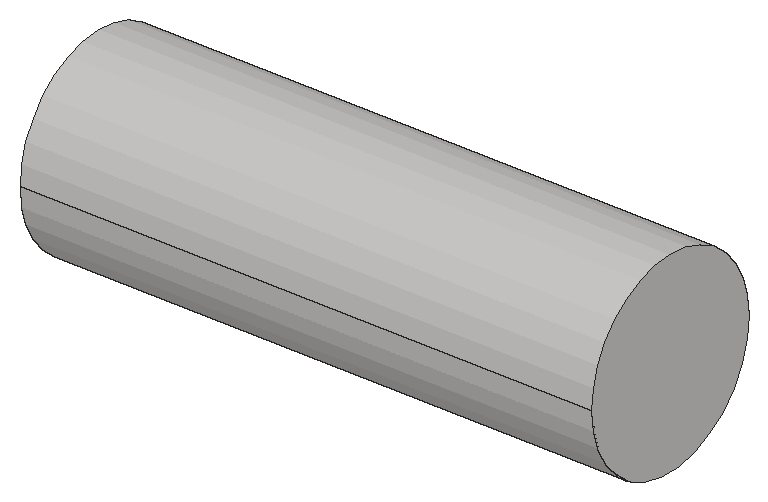
Revit family "SOFiSTiK_Muffe_Geschweißt_Geschraubt", category Verbindungsmittel, Revit 2023
Family settings
  Arbeitsebenenbasiert = Nein
  Immer vertikal = Nein
  Beim Laden mit Abzugskörper schneiden = Nein
  Gemeinsam genutzt = Nein
  An Ansicht ausrichten = Ja
Parameters (values of type "Ø6")
  Stabgröße 2 = ø6, Dmin=4ϕ
  Stabgröße 1 = ø6, Dmin=4ϕ
  SOFiSTiK_Symbol_ID = "General"  # constant formula
  SOFiSTiK_Identifier = "RC_Rebar_Coupler"  # constant formula
  Modell = "Standardmuffe"
  Material = Baustahl - S 235
  Körper = 0,07 kg
  Hersteller = "Hersteller"
  Gesamtlänge = 41 mm
  Endenbearbeitung 2 = SOFiSTiK_Gewinde
  Endenbearbeitung 1 = SOFiSTiK_Geschweißt
  Einfassung Stab 2 = Einfassung Stab 1  # 15 mm
  Einfassung Stab 1 = 15 mm
  Bauelement = "M"
  Außendurchmesser = 14 mm
Types (12, lengths in mm): name | Stabgröße 2 | Stabgröße 1 | Körper | Gesamtlänge | Einfassung Stab 2 | Einfassung Stab 1 | Außendurchmesser
  (no name) | ø6, Dmin=4ϕ | ø6, Dmin=4ϕ | 0.07 (stored number, unit not read) | 41 | 0.049213 (stored number, unit not read) | 0.049213 (stored number, unit not read) | 14
  Ø6 | ø6, Dmin=4ϕ | ø6, Dmin=4ϕ | 0,07 kg | 41 | 15 mm | 15 mm | 14
  Ø8 | ø8, Dmin=4ϕ | ø8, Dmin=4ϕ | 0,07 kg | 41 | 15 mm | 15 mm | 14
  Ø10 | ø10, Dmin=4ϕ | ø10, Dmin=4ϕ | 0,07 kg | 48 | 18 mm | 18 mm | 17
  Ø12 | ø12, Dmin=4ϕ | ø12, Dmin=4ϕ | 0,06 kg | 49 | 18 mm | 18 mm | 17
  Ø14 | ø14, Dmin=4ϕ | ø14, Dmin=4ϕ | 0,13 kg | 55 | 21 mm | 21 mm | 22
  Ø16 | ø16, Dmin=4ϕ | ø16, Dmin=4ϕ | 0,13 kg | 61 | 24 mm | 24 mm | 22
  Ø20 | ø20, Dmin=7ϕ | ø20, Dmin=7ϕ | 0,27 kg | 71 | 29 mm | 29 mm | 27
  Ø25 | ø25, Dmin=7ϕ | ø25, Dmin=7ϕ | 0,36 kg | 96 | 41 mm | 41 mm | 33
  Ø28 | ø28, Dmin=7ϕ | ø28, Dmin=7ϕ | 0,36 kg | 101 | 43 mm | 43 mm | 37
  Ø32 | ø32, Dmin=7ϕ | ø32, Dmin=7ϕ | 0,36 kg | 107 | 46 mm | 46 mm | 42
  Ø40 | ø40, Dmin=7ϕ | ø40, Dmin=7ϕ | 0,36 kg | 131 | 58 mm | 58 mm | 52
Reference planes
  plane 1: y = 0
  plane 2: z = 0
  plane 3 "Mitte (Links/rechts)": x = 0
  plane 4: x = -20.5
  plane 5: x = 20.5
  plane 6: y = 7
  plane 7: y = -7
Forms (mm)
  Extrusion 1, solid, material "Baustahl - S 235" <- "Material"
    sketch origin (0, 0, 0) x (0, 1, 0) y (0, 0, 1)
      loop
        circle (0, 0) r 7
    from -20.5 to 20.5
Lines and regions (mm)
  symbolic lines
    curve 1: line (-20.5, 7, 0) -> (20.5, 7, 0)
    curve 2: line (-20.5, -7, 0) -> (-20.5, 7, 0)
    curve 3: line (20.5, -7, 0) -> (-20.5, -7, 0)
    curve 4: line (20.5, 7, 0) -> (20.5, -7, 0)
Dimensions and locks
  equal spacing: plane 4, plane 3 "Mitte (Links/rechts)", plane 5
  "Gesamtlänge": plane 4 to plane 5
  equal spacing: plane 6, plane 1, plane 7
  "Außendurchmesser": plane 6 to plane 7
  "Außendurchmesser": diameter of Extrusion 1 sketch curve
  aligned and locked: Extrusion 1 to plane 4
  aligned and locked: plane 5 to Extrusion 1
  aligned and locked: plane 4 to curve 2
  aligned and locked: curve 4 to plane 5
  aligned and locked: curve 1 to plane 6
  aligned and locked: plane 7 to curve 3
Automatic sketch dimensions
  Extrusion 1 sketch curve to level = 0 mm
  Extrusion 1 sketch curve to plane 1 = 0 mm
